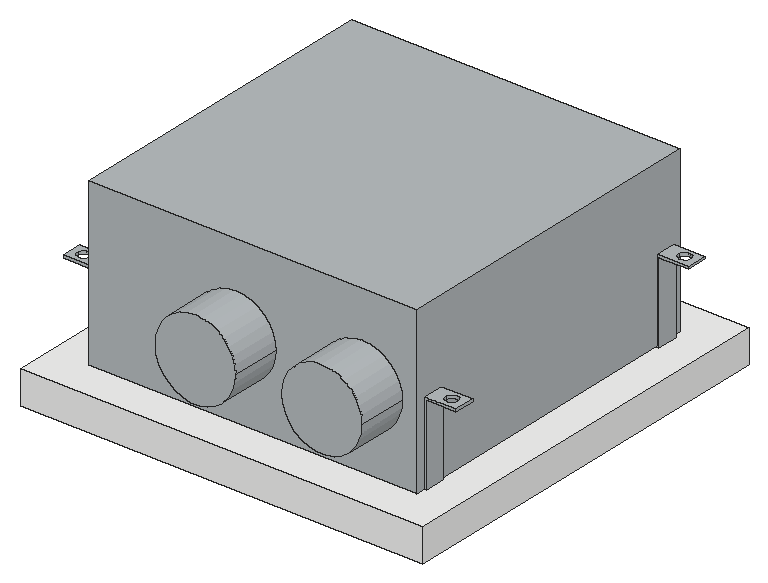
Revit family "v-122bz5_60Hz", category 機械設備, Revit 2019
Family settings
  丸型コネクタ寸法 = 直径を使用
  パーツ タイプ = 標準
  OmniClass 番号 = 23.75.35.17.27
  OmniClass タイトル = Centrifugal Fans
  作業面ベース = いいえ
  常に垂直 = はい
  ロード時にボイドで切り取り = いいえ
  共有 = いいえ
  部屋計算ポイント = はい
Parameters (values of type "V-122BZ5")
  騒音レベル(dB(A)) [instance] = 41.5
  風量 [instance] = 200.0 m³/h
  電源種別 [instance] = ""
  電圧 = 100 V
  電動機出力 = 0 W
  電動機_種別 [instance] = ""
  運転質量 = 0.00 kg
  連動 [instance] = ""
  質量 = if(製品質量 > 運転質量, 製品質量, 運転質量) * 1.2  # 12.00 kg
  負荷分類 = 3_ファン類
  説明 = "バス乾燥・暖房・換気システム 従来タイプ取替専用"
  設計風量 [instance] = 0.0 m³/h
  設置方法 = "カセット形"
  記号 [instance] = ""
  製造元 = "三菱電機株式会社"
  製品質量 = 10.00 kg
  製品出荷対象 = "国内"
  製品リリース年月 = "2022年6月1日"
  製品グループ = ""
  系統 [instance] = ""
  符号 [instance] = if(☑給気／□排気, "FS", "FE")  # "FE"
  積算_科目 = "2 換気設備"
  積算_拾い区分 [instance] = ""
  相 = 1
  盤記号 [instance] = ""
  発停方法 [instance] = ""
  特殊仕様 [instance] = ""
  点検口離隔 = 150 mm
  点検口_Depth = 450 mm
  点検口 = yes
  火災停止 [instance] = ""
  消費電力 = 1230 W
  法定耐用年数 = "10"
  機外静圧 [instance] = 0.0 Pa
  極数 = 2
  材質 [instance] = ""
  操作・制御方式 = ""
  操作・制御スイッチ = ""
  排気量 [instance] = if(☑給気／□排気, 0.0 m³/h, 設計風量)  # 0.0 m³/h
  形式 = ""
  幹線記号 [instance] = ""
  対象室 [instance] = ""
  実風量 [instance] = 0.0 m³/h
  始動方式 [instance] = "直入"
  天吊金具ピッチ2 = 354 mm
  天吊金具ピッチ1 = 448 mm
  天吊金具_高さ = 98 mm
  天吊金具_径 = 15 mm
  外気量 [instance] = if(☑給気／□排気, 設計風量, 0.0 m³/h)  # 0.0 m³/h
  呼称 = "天井扇"
  周波数 = 60 Hz
  参照している仕様書等のバージョン = ""
  分類コード = "50052503100080"
  分類グループ = ""
  価格 = 124600
  企業コード = "108420"
  付属品_防振装置 = ""
  付属品 [instance] = ""
  仕様書バージョン = "Version1.0"
  モデル = "V-122BZ5"
  マテリアル = 亜鉛メッキ鋼板
  ファンの種類 = ""
  ダクト径 = 100 mm
  コメント [instance] = ""
  Keynote = ""
  カバーマテリアル = 合成樹脂(白)
  ☑給気／□排気 [instance] = no
  Width = 400 mm
  W1 = 490 mm
  Version = ""
  Uniclass2015Version = "Systems v1.9"
  Uniclass2015Title = "Centrifugal fans"
  Uniclass2015Code = "Pr_65_67_29_12"
  URL = "https://www.mitsubishielectric.co.jp/ldg/wink/ssl/displayProduct.do?pid=320624"
  SpecificationReference = ""
  SpecificationDescription = ""
  Revision = ""
  RAダクト接続口_A = yes
  RAダクト接続口_B = no
  RAダクト接続口_C = no
  RAサイズ_D = 97.5 mm
  ProductInformation = ""
  OmniClassCode = "23-33 31 19 11 15"
  MIN風量 = 105.0 m³/h
  MIN静圧 = 0.0 Pa
  MID風量 = 0.0 m³/h
  MID静圧 = 0.0 Pa
  MAX風量 = 200.0 m³/h
  MAX静圧 = 0.0 Pa
  IfcTypeProduct = ""
  IfcProduct = ""
  IfcExportType = "PROPELLORAXIAL"
  IfcExportAs = "IfcFanType"
  Height = 200 mm
  H1 = 40 mm
  EAサイズ_D = 97.5 mm
  Duct_RA_W3 = 21 mm
  Duct_RA_W2 = 75.5 mm
  Duct_H = 95 mm
  Duct_RA_W1 = 21 mm
  Duct_EA_W = 133 mm
  Duct_Depth = 61 mm
  Depth = 400 mm
  D1 = 495 mm
  Author = "三菱電機株式会社"
Reference planes
  plane 1 "中心(正面/背面)": y = 0
  plane 2: z = 0
  plane 3 "中心(左/右)": x = 0
  plane 4: x = -245
  plane 5: x = 245
  plane 6: y = 247.5
  plane 7: y = -247.5
  plane 8: x = -200
  plane 9: x = 200
  plane 10: y = 200
  plane 11: y = -200
  plane 12: y = -261
  plane 13: z = 200
  plane 14: z = -40
  plane 15: z = 95
  plane 16: x = -224
  plane 17: x = 224
  plane 18: y = 177
  plane 19: y = -177
  plane 20: x = 133
  plane 21: x = -21
  plane 22: x = 261
  plane 23: x = -350
  plane 24: x = -800
  plane 25: y = 225
  plane 26: y = -225
  plane 27: x = -203
  plane 28: x = 203
  plane 29: z = 101
  plane 30: z = 98
  plane 31: x = 75.5
  plane 32: y = 261
  plane 33: y = 21
Forms (mm)
  Extrusion 1, solid, material "亜鉛メッキ鋼板" <- "マテリアル", detail levels fine
    sketch origin (0, 0, 0) x (1, 0, 0) y (0, 1, 0)
      loop
        line (-200, 200) -> (-200, -200) -> (200, -200) -> (200, 200) -> (-200, 200)
    from 0 to 200
  Extrusion 2, solid, material "合成樹脂(白)" <- "カバーマテリアル", detail levels fine
    sketch origin (0, 0, 0) x (1, 0, 0) y (0, 1, 0)
      loop
        line (-245, 247.5) -> (-245, -247.5) -> (245, -247.5) -> (245, 247.5) -> (-245, 247.5)
    from 0 to -40
  Extrusion 3, solid, material "亜鉛メッキ鋼板" <- "マテリアル", detail levels fine
    sketch origin (0, 0, 0) x (1, 0, 0) y (0, 0, 1)
      loop
        circle (133, 95) r 48.75
    from 200 to 261
  Extrusion 4, solid, material "亜鉛メッキ鋼板" <- "マテリアル", visible <- "RAダクト接続口_A", detail levels fine
    sketch origin (0, 0, 0) x (1, 0, 0) y (0, 0, 1)
      loop
        circle (-21, 95) r 48.75
    from 200 to 261
  Extrusion 5, solid, material "亜鉛メッキ鋼板" <- "マテリアル", visible <- "RAダクト接続口_C", detail levels fine
    sketch origin (0, 0, 0) x (0, 1, 0) y (0, 0, 1)
      loop
        circle (21, 95) r 48.75
    from 200 to 261
  Extrusion 6, solid, material "亜鉛メッキ鋼板" <- "マテリアル", detail levels fine
    sketch origin (0, 0, 0) x (1, 0, 0) y (0, 1, 0)
      loop
        line (-200, -164.5) -> (-239, -164.5) -> (-239, -189.5) -> (-200, -189.5) -> (-200, -164.5)
      loop
        circle (-224, -177) r 7.5
      loop
        line (-200, 189.5) -> (-239, 189.5) -> (-239, 164.5) -> (-200, 164.5) -> (-200, 189.5)
      loop
        line (200, -164.5) -> (200, -189.5) -> (239, -189.5) -> (239, -164.5) -> (200, -164.5)
      loop
        line (200, 189.5) -> (200, 164.5) -> (239, 164.5) -> (239, 189.5) -> (200, 189.5)
      loop
        circle (-224, 177) r 7.5
      loop
        circle (224, 177) r 7.5
      loop
        circle (224, -177) r 7.5
    from 98 to 101
  Extrusion 7, solid, material "亜鉛メッキ鋼板" <- "マテリアル", detail levels fine
    sketch origin (0, 0, 0) x (1, 0, 0) y (0, 1, 0)
      loop
        line (-203, -164.5) -> (-203, -189.5) -> (-200, -189.5) -> (-200, -164.5) -> (-203, -164.5)
      loop
        line (-203, 189.5) -> (-203, 164.5) -> (-200, 164.5) -> (-200, 189.5) -> (-203, 189.5)
      loop
        line (203, 189.5) -> (200, 189.5) -> (200, 164.5) -> (203, 164.5) -> (203, 189.5)
      loop
        line (203, -164.5) -> (200, -164.5) -> (200, -189.5) -> (203, -189.5) -> (203, -164.5)
    from 0 to 101
  Extrusion 8, solid, material "亜鉛メッキ鋼板" <- "マテリアル", visible <- "RAダクト接続口_B", detail levels fine
    sketch origin (0, 0, 0) x (1, 0, 0) y (0, 0, 1)
      loop
        circle (75.5, 95) r 48.75
    from -261 to -200
Cuts and joins
  joined: Extrusion 6, Extrusion 7
Dimensions and locks
  equal spacing: plane 4, plane 3 "中心(左/右)", plane 5
  "W1": plane 4 to plane 5
  equal spacing: plane 6, plane 1 "中心(正面/背面)", plane 7
  "D1": plane 6 to plane 7
  equal spacing: plane 8, plane 3 "中心(左/右)", plane 9
  "Width": plane 8 to plane 9
  equal spacing: plane 10, plane 1 "中心(正面/背面)", plane 11
  "Depth": plane 10 to plane 11
  "Duct_Depth": plane 11 to plane 12
  "Height": plane 13 to plane 2
  "Duct_H": plane 15 to plane 2
  equal spacing: plane 16, plane 3 "中心(左/右)", plane 17
  "天吊金具ピッチ1": plane 16 to plane 17
  equal spacing: plane 18, plane 1 "中心(正面/背面)", plane 19
  "天吊金具ピッチ2": plane 18 to plane 19
  "H1": plane 2 to plane 14
  "Duct_EA_W": plane 20 to plane 3 "中心(左/右)"
  "Duct_RA_W1": plane 21 to plane 3 "中心(左/右)"
  "Duct_Depth": plane 9 to plane 22
  "点検口_Depth": plane 25 to plane 26
  equal spacing: plane 25, plane 1 "中心(正面/背面)", plane 26
  "点検口_Depth": plane 24 to plane 23
  "点検口離隔": plane 23 to plane 8
  Extrusion 6 sketch curve to Extrusion 6 sketch curve = 25 mm  (x4)
  equal spacing: Extrusion 6 sketch curve, plane 19, Extrusion 6 sketch curve  (x2)
  Extrusion 6 sketch curve to plane 16 = 15 mm  (x2)
  equal spacing: Extrusion 6 sketch curve, plane 18, Extrusion 6 sketch curve  (x2)
  plane 17 to Extrusion 6 sketch curve = 15 mm  (x2)
  plane 9 to plane 28 = 3 mm
  plane 27 to plane 8 = 3 mm
  plane 29 to plane 30 = 3 mm
  "Duct_RA_W2": plane 3 "中心(左/右)" to plane 31
  "Duct_Depth": plane 10 to plane 32
  "Duct_RA_W3": plane 1 "中心(正面/背面)" to plane 33
  "天吊金具_高さ": plane 30 to plane 2
  "RAサイズ_D": diameter of Extrusion 4 sketch curve
  "天吊金具_径": diameter of Extrusion 6 sketch curve  (x4)
  "EAサイズ_D": diameter of Extrusion 3 sketch curve
  "RAサイズ_D": diameter of Extrusion 8 sketch curve
  "RAサイズ_D": diameter of Extrusion 5 sketch curve
  aligned and locked: level to plane 2
  aligned and locked: plane 5 to Extrusion 2
  aligned and locked: plane 6 to Extrusion 2
  aligned and locked: Extrusion 2 to plane 4
  aligned and locked: Extrusion 2 to plane 7
  aligned and locked: plane 9 to Extrusion 1
  aligned and locked: Extrusion 1 to plane 11
  aligned and locked: Extrusion 1 to plane 8
  aligned and locked: plane 10 to Extrusion 1
  aligned and locked: plane 13 to Extrusion 1
  aligned and locked: Extrusion 2 to plane 14
  aligned and locked: level to Extrusion 2
  aligned and locked: Extrusion 1 to level
  aligned and locked: Extrusion 3 to plane 12
  aligned and locked: plane 11 to Extrusion 3
  aligned and locked: nested 2 to plane 16
  aligned and locked: nested 2 to plane 17
  aligned and locked: nested 2 to plane 19
  aligned and locked: nested 2 to plane 18
  aligned and locked: Extrusion 4 to plane 12
  aligned and locked: plane 11 to Extrusion 4
  aligned and locked: plane 22 to Extrusion 5
  aligned and locked: Extrusion 5 to plane 9
  aligned and locked: plane 23 to nested 3
  aligned and locked: plane 24 to nested 3
  aligned and locked: plane 26 to nested 3
  aligned and locked: plane 25 to nested 3
  aligned and locked: plane 8 to Extrusion 6 sketch curve
  aligned and locked: plane 9 to Extrusion 6 sketch curve  (x2)
  aligned and locked: Extrusion 7 sketch curve to Extrusion 6  (x10)
  aligned and locked: plane 27 to Extrusion 7 sketch curve  (x2)
  aligned and locked: Extrusion 6 to Extrusion 7 sketch curve  (x2)
  aligned and locked: plane 28 to Extrusion 7 sketch curve  (x2)
  aligned and locked: plane 29 to Extrusion 6
  aligned and locked: Extrusion 6 to plane 30
  aligned and locked: plane 29 to Extrusion 7
  aligned and locked: Extrusion 7 to plane 2
  aligned and locked: Extrusion 8 to plane 32
  aligned and locked: Extrusion 8 to plane 10
Automatic sketch dimensions
  Extrusion 4 sketch curve to plane 15 = 0 mm
  plane 21 to Extrusion 4 sketch curve = 0 mm
  Extrusion 1 sketch curve to plane 8 = 0 mm
  Extrusion 1 sketch curve to plane 9 = 0 mm
  Extrusion 1 sketch curve to plane 11 = 0 mm
  Extrusion 1 sketch curve to plane 10 = 0 mm
  Extrusion 2 sketch curve to plane 4 = 0 mm
  Extrusion 2 sketch curve to plane 5 = 0 mm
  Extrusion 2 sketch curve to plane 7 = 0 mm
  Extrusion 2 sketch curve to plane 6 = 0 mm
  Extrusion 6 sketch curve to plane 16 = 0 mm  (x2)
  Extrusion 6 sketch curve to plane 8 = 0 mm
  Extrusion 6 sketch curve to plane 17 = 0 mm  (x2)
  Extrusion 6 sketch curve to plane 19 = 0 mm  (x2)
  Extrusion 6 sketch curve to plane 18 = 0 mm  (x2)
  Extrusion 3 sketch curve to plane 15 = 0 mm
  Extrusion 3 sketch curve to plane 20 = 0 mm
  Extrusion 8 sketch curve to plane 15 = 0 mm
  plane 31 to Extrusion 8 sketch curve = 0 mm
  Extrusion 5 sketch curve to plane 15 = 0 mm
  Extrusion 5 sketch curve to plane 33 = 0 mm
Nested families
  nested 1: "記号_天井換気扇_平面" at (0, 0, 0), type "記号_天井換気扇_平面", detail levels coarse+medium
  nested 2: "固定点" at (-224, -177, 0), type "固定点"
    with W 448 mm, D 354 mm
  nested 3: "点検口設置範囲" at (-575, 0, 0), visible <- "点検口", type "点検口設置範囲"
    with Width 450 mm, Depth 450 mm
Connectors
  hvac at (133, -261, 95), driven by "ダクト径", driven by "風量", driven by "機外静圧"
    settings: on Extrusion 3, index 1, duct flow 200.0 m³/h, flow factor 0, pres drop 0.0 Pa, loss coef 0, conn angle 0.00°, conn width 304.8 mm, conn height 304.8 mm, conn diameter 100 mm, duct sys type 3, conn prof type 0, flow config 0, flow direction 2, loss method 4, conn ref index -1, conn util no, is conn primary yes, conn desc ""
  hvac at (-21, -261, 95), driven by "ダクト径", driven by "機外静圧", driven by "風量"
    settings: on Extrusion 4, index 3, duct flow 200.0 m³/h, flow factor 0, pres drop 0.0 Pa, loss coef 0, conn angle 0.00°, conn width 304.8 mm, conn height 304.8 mm, conn diameter 100 mm, duct sys type 2, conn prof type 0, flow config 0, flow direction 1, loss method 4, conn ref index -1, conn util no, is conn primary no, conn desc ""
  hvac at (261, 21, 95), driven by "ダクト径", driven by "機外静圧", driven by "風量"
    settings: on Extrusion 5, index 4, duct flow 200.0 m³/h, flow factor 0, pres drop 0.0 Pa, loss coef 0, conn angle 0.00°, conn width 304.8 mm, conn height 304.8 mm, conn diameter 100 mm, duct sys type 2, conn prof type 0, flow config 0, flow direction 1, loss method 4, conn ref index -1, conn util no, is conn primary no, conn desc ""
  electrical at (0, 0, 200), driven by "極数", driven by "負荷分類", driven by "電圧", driven by "消費電力"
    settings: on Extrusion 1, index 6, voltage 100 V, apparent load 1230 VA, apparent load phase1 0 VA, apparent load phase2 0 VA, apparent load phase3 0 VA, power factor 1, load classification "3_ファン類", number of poles 2, system type 30, power factor state 1, is connector primary yes, connector utility no, sub classification motor no, connector description ""
  hvac at (75.5, 261, 95), driven by "ダクト径", driven by "機外静圧", driven by "風量"
    settings: on Extrusion 8, index 7, duct flow 200.0 m³/h, flow factor 0, pres drop 0.0 Pa, loss coef 0, conn angle 0.00°, conn width 304.8 mm, conn height 304.8 mm, conn diameter 100 mm, duct sys type 2, conn prof type 0, flow config 0, flow direction 1, loss method 4, conn ref index -1, conn util no, is conn primary no, conn desc ""
Definition of nested family "記号_天井換気扇_平面"
  Reference planes
    plane 1: y = 0
    plane 2: x = 0
  Lines and regions (mm)
    detail lines
      curve 1: line (-2.5, 2.5, 0) -> (2.5, 2.5, 0)
      curve 2: line (-2.5, -2.5, 0) -> (-2.5, 2.5, 0)
      curve 3: line (2.5, -2.5, 0) -> (-2.5, -2.5, 0)
      curve 4: line (2.5, 2.5, 0) -> (2.5, -2.5, 0)
      curve 5: circle (-1.04, -1.04, 0) r 1.46 normal (0, 0, 1)
      curve 6: circle (1.04, 1.04, 0) r 1.46 normal (0, 0, 1)
      curve 7: line (-3.125, 3.125, 0) -> (3.125, 3.125, 0)
      curve 8: line (-3.125, -3.125, 0) -> (-3.125, 3.125, 0)
      curve 9: line (3.125, -3.125, 0) -> (-3.125, -3.125, 0)
      curve 10: line (3.125, 3.125, 0) -> (3.125, -3.125, 0)
      curve 11: circle (1.295, 1.295, 0) r 1.83 normal (0, 0, 1)
      curve 12: circle (-1.295, -1.295, 0) r 1.83 normal (0, 0, 1)
      curve 13: line (-2, 2, 0) -> (2, 2, 0)
      curve 14: line (-2, -2, 0) -> (-2, 2, 0)
      curve 15: line (2, -2, 0) -> (-2, -2, 0)
      curve 16: line (2, 2, 0) -> (2, -2, 0)
      curve 17: circle (0.84, 0.84, 0) r 1.16 normal (0, 0, 1)
      curve 18: circle (-0.84, -0.84, 0) r 1.2 normal (0, 0, 1)
Definition of nested family "固定点"
  Parameters (values of type "固定点")
    中心円 = 20 mm
    W [instance] = 1000 mm
    D [instance] = 1000 mm
  Reference planes
    plane 1 "中心(正面/背面)": y = 0
    plane 2: z = 0
    plane 3 "中心(左/右)": x = 0
    plane 4: x = 1000
    plane 5: y = 1000
  Lines and regions (mm)
    symbolic lines, detail levels fine
      curve 1: circle (0, 1000, 0) r 10 normal (0, 0, 1)
      curve 2: circle (0, 0, 0) r 10 normal (0, 0, 1)
      curve 3: circle (1000, 1000, 0) r 10 normal (0, 0, 1)
      curve 4: circle (1000, 0, 0) r 10 normal (0, 0, 1)
      curve 5: line (-200, 1000, 0) -> (1200, 1000, 0)
      curve 6: line (-200, 0, 0) -> (1200, 0, 0)
      curve 7: line (0, 1200, 0) -> (0, -200, 0)
      curve 8: line (1000, 1200, 0) -> (1000, -200, 0)
  Dimensions and locks
    "W": plane 3 "中心(左/右)" to plane 4
    "D": plane 1 "中心(正面/背面)" to plane 5
    "中心円": diameter of curve 1
    "中心円": diameter of curve 2
    "中心円": diameter of curve 3
    "中心円": diameter of curve 4
    aligned and locked: level to plane 2
    aligned and locked: plane 5 to curve 1
    aligned and locked: plane 3 "中心(左/右)" to curve 1
    aligned and locked: plane 3 "中心(左/右)" to curve 2
    aligned and locked: plane 1 "中心(正面/背面)" to curve 2
    aligned and locked: plane 4 to curve 3
    aligned and locked: plane 5 to curve 3
    aligned and locked: plane 1 "中心(正面/背面)" to curve 4
    aligned and locked: plane 4 to curve 4
    aligned and locked: plane 1 "中心(正面/背面)" to curve 6
    aligned and locked: curve 7 to plane 3 "中心(左/右)"
    aligned and locked: curve 8 to plane 4
  Automatic sketch dimensions
    curve 5 to plane 5 = 0 mm
    curve 6 to plane 3 "中心(左/右)" = 200 mm
    curve 5 to plane 3 "中心(左/右)" = 200 mm
    curve 4 to curve 6 = 200 mm
    curve 3 to curve 5 = 200 mm
    plane 1 "中心(正面/背面)" to curve 8 = 200 mm
    plane 1 "中心(正面/背面)" to curve 7 = 200 mm
    curve 3 to curve 8 = 200 mm
    curve 1 to curve 7 = 200 mm
Definition of nested family "点検口設置範囲"
  Parameters (values of type "点検口設置範囲")
    Width [instance] = 1000 mm
    Depth [instance] = 700 mm
  Reference planes
    plane 1 "中心(正面/背面)": y = 0
    plane 2: z = 0
    plane 3 "中心(左/右)": x = 0
    plane 4: x = -500
    plane 5: x = 500
    plane 6: y = -350
    plane 7: y = 350
  Lines and regions (mm)
    model lines
      curve 1: line (-500, 350, 0) -> (500, 350, 0)
      curve 2: line (-500, -350, 0) -> (-500, 350, 0)
      curve 3: line (500, -350, 0) -> (-500, -350, 0)
      curve 4: line (500, 350, 0) -> (500, -350, 0)
  Dimensions and locks
    "Depth": plane 7 to plane 6
    "Width": plane 4 to plane 5
    equal spacing: plane 7, plane 1 "中心(正面/背面)", plane 6
    equal spacing: plane 4, plane 3 "中心(左/右)", plane 5
    aligned and locked: level to plane 2
    aligned and locked: plane 4 to curve 2
    aligned and locked: curve 1 to plane 7
    aligned and locked: curve 4 to plane 5
    aligned and locked: plane 6 to curve 3
